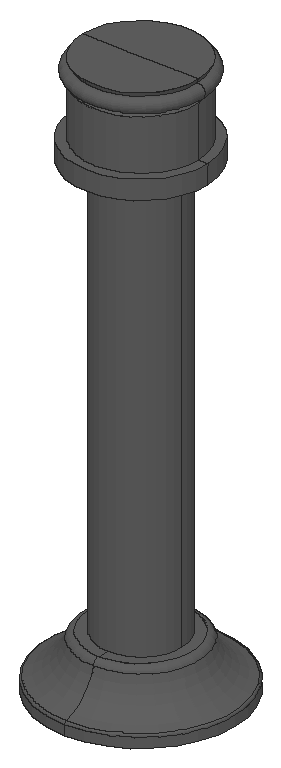
Revit family "Deca_Tubo de ligação para bacia_1968.C.", category Plumbing Fixtures, host Face, Revit 2013
Parameters (values of type "Preto Fosco (1968.F.PTO)")
  Vendido Separadamente = "Não Aplicável"  # constant formula
  Variações de COR = "Cromado (1968.C); Branco (1968.E.BR); Bege (1968.E.BE); Preto Fosco (1968.F.PTO); Dourado (1968.D); Gold (1968.D.GLD)"  # constant formula
  URL = "www.deca.com.br/produtos"
  Sifão = Deca PR15 Preto Fosco Metal
  Segmento = "Competitivo"  # constant formula
  Raio Água Fria = 7.5 mm  # constant formula
  Produto = "Tubo de ligação para bacia"  # constant formula
  Pressão = "2 A 40 mca"  # constant formula
  Peso Liquido (Kg) = 0.236  # constant formula
  Norma = "ABNT NBR 10283:2003"  # constant formula
  Model = Código  # "1968.C"
  Material = "Latão Cromado e Plástico de Engenharia"  # constant formula
  Manufacturer = "Deca"  # constant formula
  Louça/Metais = "Metal"  # constant formula
  Linha = "Tubo de ligação para bacia"  # constant formula
  Informações Complementares = ""
  Flow Pressure = 0.00 psi
  Diâmetro Água Fria = Raio Água Fria * 2  # 15 mm
  Description = "Tubo de ligação com anel expansor pra bacia"  # constant formula
  Default Elevation = 0 mm
  Código = "1968.C"  # constant formula
  Criado por = "Contino/quattroD"  # constant formula
  Consumo = "Varia com a pressão"  # constant formula
  CWFU = 0
  Atendimento ao Cliente = "0800-0117073"  # constant formula
  Assembly Code = ""
  Aprovado por = "Contino/quattroD"  # constant formula
  Acompanha o Produto = ""
Types (7, lengths in mm): name | Sifão | Informações Complementares
  (no name) | Deca PR15 Preto Fosco Metal | ""
  Cromado (1968.C) | Deca CR10 Cromado Metal | "Recomendável com pressão mínima de 10 m.c.a para aquecedor de passagem e de 2 m.c.a. para aquecedor de acumulação."
  Branco (1968.E.BR) | Deca GE17 Branco Gelo Plástico | "Recomendável com pressão mínima de 10 m.c.a para aquecedor de passagem e de 2 m.c.a. para aquecedor de acumulação."
  Bege (1968.E.BE) | Deca Bege | "Recomendável com pressão mínima de 10 m.c.a para aquecedor de passagem e de 2 m.c.a. para aquecedor de acumulação."
  Preto Fosco (1968.F.PTO) | Deca PR15 Preto Fosco Metal | ""
  Dourado (1968.D) | Deca GL MT Gold Matte Metal | "Recomendável com pressão mínima de 10 m.c.a para aquecedor de passagem e de 2 m.c.a. para aquecedor de acumulação."
  Gold (1968.D.GLD) | Deca GLD Gold Metal | "Recomendável com pressão mínima de 10 m.c.a para aquecedor de passagem e de 2 m.c.a. para aquecedor de acumulação."
Reference planes
  plane 1 "Center (Front/Back)": y = -110
  plane 2: z = 0
  plane 3 "Center (Left/Right)": x = 0
  plane 4 "Left 1": x = -39.312
  plane 5 "Back 1": y = -70.688
  plane 6 "Front  1": y = -149
  plane 7 "Right 1": x = 39.156
  plane 8 "Top 1": z = 21.563
  plane 9 "Top 2": z = 234.746
Forms (mm)
  Revolve 1, solid, material "Deca PR15 Preto Fosco Metal" <- "Sifão"
    sketch origin (0, 0, 0) x (0, 1, 0) y (0, 0, 1)
      loop
        line (-110, 21.648) -> (-131.554, 21.648)
        arc (-131.554, 21.648) -> (-133.403, 21.011) -> (-134.466, 19.368) r 3
        arc (-134.466, 19.368) -> (-139.508, 10.318) -> (-148.443, 5.075) r 19.711
        arc (-148.443, 5.075) -> (-148.976, 4.718) -> (-149.182, 4.11) r 1
        line (-149.182, 4.11) -> (-149.182, 0) -> (-110, 0) -> (-110, 21.648)
      axis (-110, 0) -> (-110, 21.648)
    angle from 0 to 360
  Extrusion 2, solid, material "Deca PR15 Preto Fosco Metal" <- "Sifão"
    sketch origin (0, 0, 0) x (1, 0, 0) y (0, 1, 0)
      loop
        circle (0, -110) r 17.123
    from 21.563 to 197
  Revolve 3, solid, material "Deca PR15 Preto Fosco Metal" <- "Sifão"
    sketch origin (0, -110, 0) x (1, 0, 0) y (0, 0, 1)
      loop
        line (0, 197) -> (0, 234.75) -> (-23.93, 234.75) -> (-22.999, 232.917)
        arc (-22.999, 232.917) -> (-26.471, 230.234) -> (-22.999, 227.551) r 2.773
        line (-22.999, 227.551) -> (-23.93, 225.801) -> (-23.93, 204.872) -> (-27.915, 204.872) -> (-27.915, 197) -> (0, 197)
      axis (0, 234.75) -> (0, 197)
    angle from 0 to 360
Lines and regions (mm)
  Masking region 1
    outline origin (0, 0, 0) x (1, 0, 0) y (0, 1, 0)
      loop
        circle (0, -110) r 39.313
  Masking region 2
    outline origin (0, -110, 0) x (1, 0, 0) y (0, 0, 1)
      loop
        line (-19, 21.648) -> (-21.554, 21.648)
        arc (-21.554, 21.648) -> (-23.403, 21.011) -> (-24.466, 19.368) r 3
        arc (-24.466, 19.368) -> (-29.508, 10.318) -> (-38.443, 5.075) r 19.711
        arc (-38.443, 5.075) -> (-38.976, 4.718) -> (-39.182, 4.11) r 1
        line (-39.182, 4.11) -> (-39.182, 0) -> (39.182, 0) -> (39.182, 4.11)
        arc (39.182, 4.11) -> (38.976, 4.718) -> (38.443, 5.075) r 1
        arc (38.443, 5.075) -> (29.508, 10.318) -> (24.466, 19.368) r 19.711
        arc (24.466, 19.368) -> (23.403, 21.011) -> (21.554, 21.648) r 3
        line (21.554, 21.648) -> (19, 21.648) -> (19, 100) -> (19, 197) -> (27.915, 197) -> (27.915, 204.872) -> (23.93, 204.872) -> (23.93, 225.801) -> (22.999, 227.551)
        arc (22.999, 227.551) -> (23.499, 227.588) -> (23.999, 227.551) r 3.36
        arc (23.999, 227.551) -> (25.801, 228.318) -> (26.497, 230.15) r 2.5
        arc (26.497, 230.15) -> (25.801, 231.982) -> (23.999, 232.75) r 2.5
        line (23.999, 232.75) -> (22.882, 232.75) -> (24.283, 234.75) -> (-24.283, 234.75) -> (-22.882, 232.75) -> (-23.999, 232.75)
        arc (-23.999, 232.75) -> (-25.801, 231.982) -> (-26.497, 230.15) r 2.5
        arc (-26.497, 230.15) -> (-25.801, 228.318) -> (-23.999, 227.551) r 2.5
        arc (-23.999, 227.551) -> (-23.499, 227.588) -> (-22.999, 227.551) r 3.36
        line (-22.999, 227.551) -> (-23.93, 225.801) -> (-23.93, 204.872) -> (-27.915, 204.872) -> (-27.915, 197) -> (-19, 197) -> (-19, 100) -> (-19, 21.648)
  Masking region 3
    outline origin (0, 0, 0) x (0, 1, 0) y (0, 0, 1)
      loop
        line (-91, 100) -> (-91, 197) -> (-82.085, 197) -> (-82.085, 204.872) -> (-86.07, 204.872) -> (-86.07, 225.801) -> (-87.001, 227.551) -> (-86.001, 227.551)
        arc (-86.001, 227.551) -> (-84.199, 228.318) -> (-83.503, 230.15) r 2.5
        arc (-83.503, 230.15) -> (-84.802, 232.443) -> (-87.434, 232.299) r 2.5
        line (-87.434, 232.299) -> (-85.717, 234.75) -> (-134.283, 234.75) -> (-132.566, 232.299)
        arc (-132.566, 232.299) -> (-135.198, 232.443) -> (-136.497, 230.15) r 2.5
        arc (-136.497, 230.15) -> (-135.801, 228.318) -> (-133.999, 227.551) r 2.5
        line (-133.999, 227.551) -> (-132.999, 227.551) -> (-133.93, 225.801) -> (-133.93, 204.872) -> (-137.915, 204.872) -> (-137.915, 197) -> (-129, 197) -> (-129, 100) -> (-129, 21.648) -> (-131.554, 21.648)
        arc (-131.554, 21.648) -> (-133.403, 21.011) -> (-134.466, 19.368) r 3
        arc (-134.466, 19.368) -> (-139.508, 10.318) -> (-148.443, 5.075) r 19.711
        arc (-148.443, 5.075) -> (-148.976, 4.718) -> (-149.182, 4.11) r 1
        line (-149.182, 4.11) -> (-149.182, 0) -> (-70.818, 0) -> (-70.818, 4.11)
        arc (-70.818, 4.11) -> (-71.024, 4.718) -> (-71.557, 5.075) r 1
        arc (-71.557, 5.075) -> (-80.492, 10.318) -> (-85.534, 19.368) r 19.711
        arc (-85.534, 19.368) -> (-86.597, 21.011) -> (-88.446, 21.648) r 3
        line (-88.446, 21.648) -> (-91, 21.648) -> (-91, 100)
  symbolic lines
    curve 1: circle (0, -109.818, 0) r 38.443 normal (0, 0, 1)
    curve 2: circle (0, -109.818, 0) r 24.283 normal (0, 0, 1)
    curve 3: circle (0, -109.818, 0) r 27.915 normal (0, 0, 1)
    curve 4: line (23.999, -110, 232.75) -> (-23.999, -110, 232.75)
    curve 5: line (-23.999, -110, 227.551) -> (23.999, -110, 227.551)
    curve 6: line (23.93, -110, 225.801) -> (-23.93, -110, 225.801)
    curve 7: line (27.915, -110, 197) -> (-27.915, -110, 197)
    curve 8: line (-27.915, -110, 204.872) -> (27.915, -110, 204.872)
    curve 9: line (-19, -110, 100) -> (19, -110, 100)
    curve 10: line (21.554, -110, 21.648) -> (-21.554, -110, 21.648)
    curve 11: line (-24.466, -110, 19.368) -> (24.466, -110, 19.368)
    curve 12: line (-39.182, -110, 4.11) -> (39.182, -110, 4.11)
    curve 13: line (38.443, -110, 5.075) -> (-38.443, -110, 5.075)
    curve 14: line (0, -132.566, 232.299) -> (0, -87.434, 232.299)
    curve 15: line (0, -87.001, 227.551) -> (0, -132.999, 227.551)
    curve 16: line (0, -133.93, 225.801) -> (0, -86.07, 225.801)
    curve 17: line (0, -86.07, 204.872) -> (0, -133.93, 204.872)
    curve 18: line (0, -129, 197) -> (0, -91, 197)
    curve 19: line (0, -91, 100) -> (0, -129, 100)
    curve 20: line (0, -129, 21.648) -> (0, -91, 21.648)
    curve 21: line (0, -71.557, 5.075) -> (0, -148.443, 5.075)
    curve 22: line (0, -149.182, 4.11) -> (0, -70.818, 4.11)
    curve 23: line (0, -85.534, 19.368) -> (0, -134.466, 19.368)
Dimensions and locks
  plane 4 "Left 1" to plane 7 "Right 1" = 78.469 mm  (x2)
  plane 6 "Front  1" to plane 5 "Back 1" = 78.312 mm
  plane 2 to plane 8 "Top 1" = 21.563 mm
  plane 8 "Top 1" to host face = 21.563 mm
  plane 9 "Top 2" to plane 8 "Top 1" = 213.183 mm  (x2)
  plane 9 "Top 2" to plane 2 = 234.746 mm  (x2)
  plane 6 "Front  1" to plane 5 "Back 1" = 78.313 mm
  aligned and locked: host face to plane 2
  aligned and locked: level to host face
